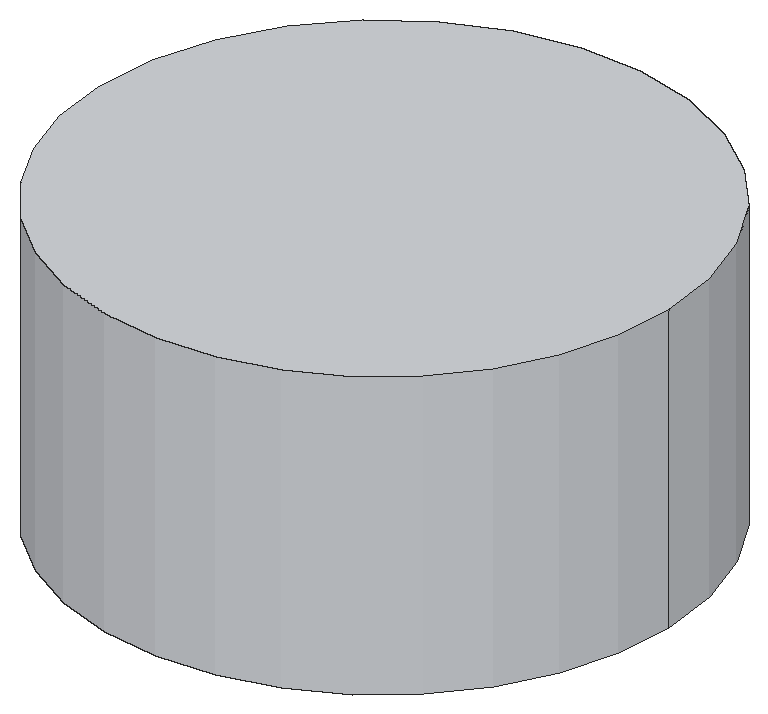
Revit family "09310800", category Specialty Equipment, Revit 2021
Family settings
  Round Connector Dimension = Use Diameter
  Part Type = Normal
  OmniClass Number = 23.40.40.14
  OmniClass Title = Food Service Equipment
  Work Plane-Based = No
  Always vertical = Yes
  Cut with Voids When Loaded = No
  Shared = No
  Room Calculation Point = No
Parameters (values of type "Standard")
  URL = "https://www.rustfriebergh.no/produkter/vannbad-varmeskap-varmeri/varmeskap-med-n-ytral-topp-vsr-k/"
  Model = "09310800"
  Manufacturer = "RUSTFRIE BERGH AS"
  Description = "VSR 800-K"
  Default Elevation = 0 mm
Reference planes
  plane 1 "Center (Front/Back)": y = 0
  plane 2: z = 0
  plane 3 "Center (Left/Right)": x = 0
Forms (mm)
  Extrusion 1, solid
    sketch origin (296.573, 122.366, 150) x (0, 1, 0) y (1, 0, 0)
      loop
        circle (0, 0) r 3.048
    from 0 to -3.048
Dimensions and locks
  aligned and locked: level to plane 2
Connectors
  electrical at (296.573, 122.366, 150)
    settings: on Extrusion 1, index 1, voltage 230 V, apparent load 775 VA, apparent load phase1 0 VA, apparent load phase2 0 VA, apparent load phase3 0 VA, power factor 0, load classification "Other", number of poles 1, system type 30, power factor state 1, is connector primary yes, connector utility no, sub classification motor no, connector description "230V 50/60HZ 3,37A"
